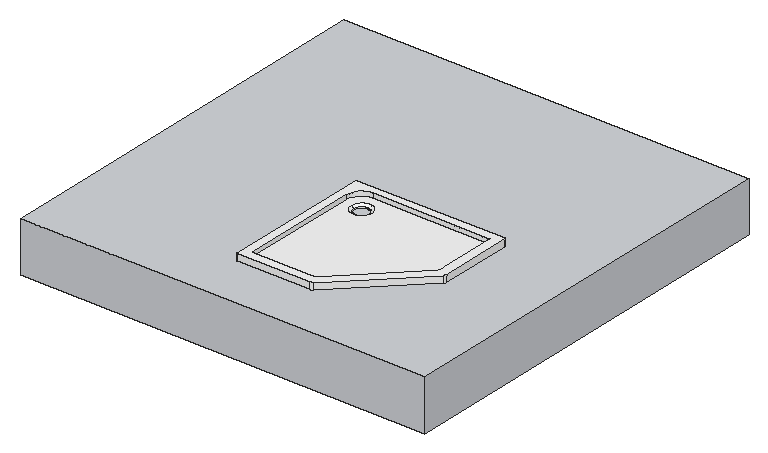
Revit family "IS_ConnectAir_E1055_BIM_DE", category Plumbing Fixtures, host Face, Revit 2014
Parameters (values of type "E105501 - Connect Air pentagon shower tray")
  WarrantyStartDate [instance] = "1900-12-31T23:59:59"
  WarrantyGuarantorParts = "idealstandard.de@idealstandard.com"
  WarrantyGuarantorLabor = "n/a"
  WarrantyDurationUnit = "year"
  WarrantyDurationParts = "n/a"
  WarrantyDurationLabor = "n/a"
  WarrantyDescription = "Manufacturers Warranty"
  VolumeUnits = "Litres"
  Version = "1"
  Uniclass2015Version = "Products v1.1"
  Uniclass2015Title = "Shower trays"
  Uniclass2015Code = "Pr_40_20_06_84"
  URL = "www.idealstandard.com"
  Type Comments = "n/a"
  TagNumber [instance] = "n/a"
  TMV3 = no
  SustainabilityPerformance = "n/a"
  SpareParts = "www.idealstandard.de/ersatzteile"
  Space = "Internal"
  Size = "900x900x40mm"
  ShowerType = "n/a"
  ShowerHeadDescription = "n/a"
  Shape = "Rectangular"
  SerialNumber [instance] = "n/a"
  Revision = "n/a"
  ReplacementCost = "n/a"
  ProductInformation = "www.idealstandard.de/produkte"
  Phone = "+49228 5210"
  NominalWidth = 900 mm
  NominalLength = 900 mm
  NominalHeight = 40 mm
  NettWeight = "13 kg"
  Name = "ShowerTrays_ConnectAir_E105501_IdealStandard"
  NBSTypeID = "n/a"
  NBSReference = "45-35-70/336"
  NBSOfficeMasterTag = "n/a"
  NBSNote = "n/a"
  NBSDescription = "Shower trays"
  NBSCertification = "n/a"
  ModelReference = Description  # "Connect Air pentagon shower tray"
  ModelNumber = Model  # "E105501"
  MaterialThickness = 0 mm
  Material = "Acrylic"
  ManufacturerURL = "www.idealstandard.com"
  LinearUnits = "millimeters"
  Keynote = "n/a"
  InstallationInstructions = "www.idealstandard.de/produkte"
  InstallationDate [instance] = "1900-12-31T23:59:59"
  IfcExportType = "SHOWER"
  IfcExportAs = "IfcSanitaryTerminalType"
  Help = "idealstandard.de@idealstandard.com"
  HasTray = yes
  HWFU = 0
  GrossWeight = "n/a"
  Grade = "n/a"
  Finish = "white"
  Features = "Connect Air pentagon shower tray"
  ExpectedLife = "25"
  DurationUnit = "year"
  DrainSize = 90 mm
  CurrencyUnit = "n/a"
  CreatedOn = "2016-11-09"
  Cost = 0
  Constituents = "n/a"
  ConnectionType = "Plumbing"
  Color = "White"
  CodePerformance = "DIN EN 14527, DIN EN 251, DIN EN 249"
  Category = "SanitaryTerminal_SHOWER"
  Reference = "n/a"
  Model = "E105501"
  Manufacturer = "idealstandard.de@idealstandard.com"
  Description = "Connect Air pentagon shower tray"
  Default Elevation = 0 mm
  CWFU = 0
  Brand = "Ideal Standard"
  BarCode = "5017830518679"
  BIMObjectName = "ISI_IdealStandard_ShowerTrays_ConnectAir_E105501"
  Author = "Ideal Standard GmbH"
  AssetType = "Fixed"
  AssetIdentifier [instance] = "n/a"
  Assembly Code = "C1030200"
  AreaUnits = "millimeters"
  AreaMeasurement = "n/a"
  Accessories = "www.idealstandard.de\\ersatzteile"
  AccessibilityPerformance = "n/a"
Reference planes
  plane 1 "Center (Front/Back)": y = 0
  plane 2: z = 0
  plane 3 "Center (Left/Right)": x = 0
  plane 4: x = -170
  plane 5: x = 730
  plane 6: y = -900
  plane 7: through (280, -900, 1219.2) normal (-0.7071, 0.7071, 0)
  plane 8: x = 680
  plane 9: y = -50
  plane 10: x = -120
  plane 11: y = -850
  plane 12: through (244.645, -864.645, 1219.2) normal (-0.7071, 0.7071, 0)
  plane 13: y = -170
  plane 14: z = 40
  plane 15: z = 15
Forms (mm)
  Extrusion 1, solid
    sketch origin (0, 0, 0) x (1, 0, 0) y (0, 1, 0)
      loop
        line (-1219.2, 1219.2) -> (-1219.2, -1219.2) -> (1219.2, -1219.2) -> (1219.2, 1219.2) -> (-1219.2, 1219.2)
    from 0 to -304.8
  Extrusion 2, solid, material "IS_RenderMaterial_VitreousChina"
    sketch origin (0, 0, 0) x (1, 0, 0) y (0, 1, 0)
      loop
        line (-170, -6) -> (-170, -894)
        arc (-170, -894) -> (-168.243, -898.243) -> (-164, -900) r 6
        line (-164, -900) -> (269.645, -900)
        arc (269.645, -900) -> (279.212, -898.097) -> (287.322, -892.678) r 25
        line (287.322, -892.678) -> (722.678, -457.322)
        arc (722.678, -457.322) -> (728.097, -449.212) -> (730, -439.645) r 25
        line (730, -439.645) -> (730, -6)
        arc (730, -6) -> (728.243, -1.757) -> (724, 0) r 6
        line (724, 0) -> (-164, 0)
        arc (-164, 0) -> (-168.243, -1.757) -> (-170, -6) r 6
    from 0 to 40
  Extrusion 3, void
    sketch origin (0, 0, 0) x (1, 0, 0) y (0, 1, 0)
      loop
        line (-120, -140) -> (-120, -840)
        arc (-120, -840) -> (-117.071, -847.071) -> (-110, -850) r 10
        line (-110, -850) -> (222.01, -850)
        arc (222.01, -850) -> (256.452, -843.149) -> (285.65, -823.64) r 90
        line (285.65, -823.64) -> (653.64, -455.65)
        arc (653.64, -455.65) -> (673.149, -426.452) -> (680, -392.01) r 90
        line (680, -392.01) -> (680, -60)
        arc (680, -60) -> (677.071, -52.929) -> (670, -50) r 10
        line (670, -50) -> (-30, -50)
        arc (-30, -50) -> (-93.64, -76.36) -> (-120, -140) r 90
    from 15 to 40
  Revolve 4, void
    sketch origin (-77.752, -170, 1219.2) x (-1, 0, 0) y (0, 0, 1)
      loop
        line (-77.752, -1219.2) -> (-32.752, -1219.2) -> (-32.752, -1215.224) -> (-15.773, -1204.2) -> (-77.752, -1204.2) -> (-77.752, -1219.2)
      loop
        line (-25.977, -1219.2) -> (0.795, -1219.2) -> (-7.59, -1213.755) -> (-17.59, -1213.755) -> (-25.977, -1219.2)
      axis (-77.752, -1219.2) -> (-77.752, -1204.2)
    angle from 0 to 360
Cuts and joins
  Extrusion 3, Revolve 4 cuts Extrusion 2
Dimensions and locks
  "NominalWidth": plane 5 to plane 4
  "NominalHeight": plane 14 to Extrusion 1
  "NominalLength": plane 1 "Center (Front/Back)" to plane 6
  aligned and locked: plane 2 to Extrusion 1
  aligned and locked: level to Extrusion 1
  aligned and locked: Extrusion 2 to plane 14
  aligned and locked: plane 15 to Extrusion 3
  aligned and locked: plane 14 to Extrusion 3
  aligned and locked: Revolve 4 sketch curve to plane 3 "Center (Left/Right)"
Automatic sketch dimensions
  Extrusion 1 sketch curve to Extrusion 1 sketch curve = 2438.4 mm  (x2)
  Extrusion 2 sketch curve to plane 4 = 0 mm
  plane 1 "Center (Front/Back)" to Extrusion 2 sketch curve = 0 mm
  Extrusion 2 sketch curve to plane 6 = 0 mm
  Extrusion 2 sketch curve to plane 7 = 0 mm  (x2)
  Extrusion 2 sketch curve to plane 5 = 0 mm
  plane 4 to Extrusion 2 sketch curve = 6 mm
  Extrusion 2 sketch curve to Extrusion 2 sketch curve = 6 mm  (x2)
  plane 3 "Center (Left/Right)" to Extrusion 2 sketch curve = 269.645 mm
  plane 6 to Extrusion 2 sketch curve = 7.322 mm
  Extrusion 2 sketch curve to plane 5 = 25 mm
  Extrusion 2 sketch curve to plane 5 = 7.322 mm
  Extrusion 3 sketch curve to plane 10 = 0 mm
  Extrusion 3 sketch curve to plane 11 = 0 mm
  plane 9 to Extrusion 3 sketch curve = 0 mm
  Extrusion 3 sketch curve to plane 12 = 0 mm  (x2)
  Extrusion 3 sketch curve to plane 8 = 0 mm
  plane 10 to Extrusion 3 sketch curve = 10 mm
  Extrusion 3 sketch curve to plane 3 "Center (Left/Right)" = 30 mm
  plane 3 "Center (Left/Right)" to Extrusion 3 sketch curve = 222.01 mm
  plane 11 to Extrusion 3 sketch curve = 26.36 mm
  plane 8 to Extrusion 3 sketch curve = 90 mm
  plane 8 to Extrusion 3 sketch curve = 26.36 mm
  plane 8 to Extrusion 3 sketch curve = 10 mm
  Revolve 4 sketch curve to level = 0 mm  (x2)
  Revolve 4 sketch curve to plane 3 "Center (Left/Right)" = 0 mm
  Revolve 4 sketch curve to plane 15 = 0 mm
  level to Revolve 4 sketch curve = 3.976 mm
  Revolve 4 sketch curve to plane 3 "Center (Left/Right)" = 45 mm
  Revolve 4 sketch curve to Revolve 4 sketch curve = 6.774 mm
  level to Revolve 4 sketch curve = 5.445 mm
  Revolve 4 sketch curve to Revolve 4 sketch curve = 8.387 mm
  Revolve 4 sketch curve to Revolve 4 sketch curve = 1.818 mm
  Revolve 4 sketch curve to Revolve 4 sketch curve = 10 mm
  Revolve 4 sketch curve to Revolve 4 sketch curve = 8.385 mm
  Revolve 4 sketch curve to level = 2.899 mm
  Revolve 4 sketch curve to Revolve 4 sketch curve = 2.101 mm
Connectors
  piping at (0, -170, 0), diameter 90
    settings: on cut or joined group of Extrusion 2, Extrusion 3, Revolve 4, index 1, connector inside diameter 24", connector length 0 mm, flow factor 0, pipe flow 0 GPM, pressure drop 0.00 psi, fitting loss kfactor 0, connector angle 0.00°, fixture units 0, engagement length 0 mm, angle of deflection 0.00°, flow configuration 2, flow direction 2, fitting loss method 0, system type 16, joint type 0, gender type 0, connector reference index -1, connector utility 0, adjustable connector no, is connector primary yes, connector description ""
